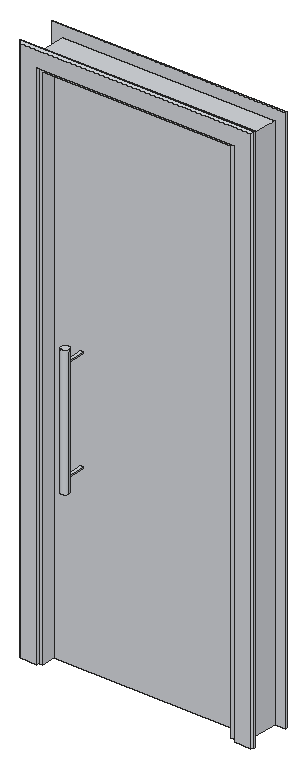
Revit family "Porta pivotante simples com revestimento", category Portas, Revit 2019
Family settings
  Hospedeiro = Parede
  Número OmniClass = 23.30.10.00
  Título OmniClass = Doors
  Sempre na vertical = Sim
  Corte com vazios quando carregada = Não
  Compartilhado = Não
  Ponto de cálculo do ambiente = Não
Parameters (values of type "820 x 2100mm")
  Visual Light Transmittance = 0
  Largura da apara = 70 mm
  Espessura da apara = 10 mm
  Material da apara = none
  Espessura = 45 mm
  Solar Heat Gain Coefficient = 0
  Rough Width = Width  # 820 mm
  Rough Height = Height  # 2100 mm
  Largura do painel = Width - (Largura da estrutura - 10 mm) * 2  # 740 mm
  Sub-largura do painel = 120 mm
  Material do painel = none
  ID do tipo de construção = ""
  Coeficiente de transferência de calor (U) = 3.7021 W/(m²·K)
  Material do puxador = none
  Função = Exterior
  Height = 2100 mm
  Fechamento da parede = Por hospedeiro
  Width = 820 mm
  Largura da estrutura = 50 mm
  Largura da moldura média = Largura da estrutura - 10 mm  # 40 mm
  Material da moldura = none
  Construção analítica = Metal
Types (4, lengths in mm): name | Rough Width | Largura do painel | Width
  (no name) | 820 | 740 | 820
  820 x 2100mm | 820 | 740 | 820
  920 x 2100mm | 920 | 840 | 920
  1020 x 2100mm | 1020 | 940 | 1020
Reference planes
  plane 1 "Centro (Frente/Trás)": y = 0
  plane 2 "Centro (Esquerda/Direita)": x = 0
  plane 3 "Esquerda": x = -410
  plane 4 "Direita": x = 410
  plane 5: z = 2100
  plane 6 "Exterior": y = 75
  plane 7 "Interior": y = -75
  plane 8: z = 0
  plane 9: x = 370
  plane 10: y = 75
  plane 11: y = -75
  plane 12: x = 250
  plane 13: z = 1050
  plane 14: y = 22.5
  plane 15: y = -22.5
  plane 16: x = -370
  plane 17: z = 2060
  plane 18: x = -360
  plane 19: x = 360
  plane 20: x = -260
  plane 21: z = 2080
  plane 22: x = 390
  plane 23: x = -385
  plane 24: z = 900
Forms (mm)
  Extrusion 1, solid, material <- "Material do painel", detail levels medium+fine
    sketch origin (0, 0, 0) x (1, 0, 0) y (0, 1, 0)
      loop
        line (-370, 22.5) -> (-370, -22.5) -> (370, -22.5) -> (370, 22.5) -> (-370, 22.5)
    from 0 to 2060
  Sweep 2, solid, material <- "Material da moldura", detail levels fine
    path origin (0, 75, 0) x (1, 0, 0) y (0, 0, 1)
      loop
        line (-410, 2060) -> (-410, 0)
    profile origin (-410, 75, 1030) x (0, -1, 0) y (1, 0, 0)
      loop
        line (0, 50) -> (0, 0) -> (150, 0) -> (150, 40) -> (52.5, 40) -> (52.5, 50) -> (0, 50)
  Sweep 3, solid, material <- "Material da moldura", detail levels fine
    path origin (0, 75, 0) x (1, 0, 0) y (0, 0, 1)
      loop
        line (410, 0) -> (410, 2060)
    profile origin (410, 75, 1030) x (-1, 0, 0) y (0, -1, 0)
      loop
        line (0, 0) -> (40, 0) -> (40, 97.5) -> (50, 97.5) -> (50, 150) -> (0, 150) -> (0, 0)
  Sweep 4, solid, material <- "Material da moldura", detail levels fine
    path origin (0, 75, 0) x (1, 0, 0) y (0, 0, 1)
      loop
        line (410, 2100) -> (-410, 2100)
    profile origin (0, 75, 2100) x (0, 0, -1) y (0, -1, 0)
      loop
        line (0, 0) -> (40, 0) -> (40, 150) -> (0, 150) -> (0, 0)
  Extrusion 5, solid, material <- "Material do painel", detail levels coarse
    sketch origin (0, 0, 0) x (1, 0, 0) y (0, 1, 0)
      loop
        line (-410, 22.5) -> (-410, -22.5) -> (410, -22.5) -> (410, 22.5) -> (-410, 22.5)
    from 0 to 2100
  Sweep 6, solid, material <- "Material da moldura", detail levels medium
    path origin (0, 75, 0) x (1, 0, 0) y (0, 0, 1)
      loop
        line (-410, 0) -> (-410, 2100) -> (410, 2100) -> (410, 0)
    profile origin (410, 75, 1050) x (0, -1, 0) y (1, 0, 0)
      loop
        line (0, -40) -> (150, -40) -> (150, 0) -> (0, 0) -> (0, -40)
  Sweep 7, solid, material <- "Material da apara", detail levels fine
    path origin (-2735, -75, 1200) x (-1, 0, 0) y (0, 0, 1)
      loop
        line (-3145, -1200) -> (-3145, 900) -> (-2325, 900) -> (-2325, -1200)
    profile "Perfil da apara : Perfil da apara" origin (-410, -75, 1050) x (-1, 0, 0) y (0, 1, 0)
      loop
        line (43, 0) -> (-27, 0) -> (-27, -10) -> (37, -10) -> (43, -4) -> (43, 0)
  Sweep 8, solid, material <- "Material da apara", detail levels fine
    path origin (-2697.817, 75, 1200) x (-1, 0, 0) y (0, 0, 1)
      loop
        line (-2287.817, -1200) -> (-2287.817, 900) -> (-3107.817, 900) -> (-3107.817, -1200)
    profile "Perfil da apara : Perfil da apara" origin (-410, 75, 1050) x (1, 0, 0) y (0, 1, 0)
      loop
        line (-43, 0) -> (27, 0) -> (27, 10) -> (-37, 10) -> (-43, 4) -> (-43, 0)
Cuts and joins
  joined: Sweep 2, Sweep 3, Sweep 4
Lines and regions (mm)
  Opening 1
    outline origin (-3050, -75, 0) x (1, 0, 0) y (0, 0, 1)
      loop
        line (2640, 0) -> (3460, 0) -> (3460, 2100) -> (2640, 2100) -> (2640, 0)
  symbolic lines, style "Doors", detail levels medium+fine
    curve 1: circle (250, 0, 0) r 10 normal (0, 0, 1)
  symbolic lines, style "Giro da elevação", detail levels medium+fine
    curve 2: line (370, 75, 1050) -> (250, 75, 0)
    curve 3: line (370, 75, 1050) -> (250, 75, 2060)
    curve 4: line (250, 75, 0) -> (-370, 75, 1050)
    curve 5: line (-370, 75, 1050) -> (250, 75, 2060)
  symbolic lines, style "Giro da elevação", detail levels coarse
    curve 6: line (250, 75, 2100) -> (-410, 75, 1050)
    curve 7: line (-410, 75, 1050) -> (250, 75, 0)
    curve 8: line (250, 75, 0) -> (410, 75, 1050)
    curve 9: line (410, 75, 1050) -> (250, 75, 2100)
Text (mm)
  text "Externo" at (-2295.016, 1099.543, 0), in view "Nível de referência"
  text "Externo" at (0, 1615.38, 3698.081), in view "Esquerda"
  text "Externo" at (0, 1036.032, 3874.932), in view "Direita"
Dimensions and locks
  equal spacing: plane 3 "Esquerda", plane 2 "Centro (Esquerda/Direita)", plane 4 "Direita"
  "Width": plane 3 "Esquerda" to plane 4 "Direita"
  "Height": plane 5 to host wall
  host wall to plane 5 = 2100 mm  (x2)
  locked: plane 6 "Exterior" to host wall at 0
  locked: plane 7 "Interior" to host wall
  equal spacing: level, plane 13, plane 5
  "Espessura": plane 14 to plane 15
  "Sub-largura do painel": plane 12 to plane 9
  "Largura da moldura média": plane 9 to plane 4 "Direita"
  "Largura da moldura média": plane 3 "Esquerda" to plane 16
  "Largura da moldura média": plane 17 to plane 5
  equal spacing: plane 14, plane 1 "Centro (Frente/Trás)", plane 15
  locked: plane 16 to plane 18 at 10
  plane 19 to plane 9 = 10 mm
  locked: plane 18 to plane 20 at 100
  equal spacing: plane 17, plane 21, plane 5
  equal spacing: plane 9, plane 22, plane 4 "Direita"
  equal spacing: plane 18, plane 23, plane 3 "Esquerda"
  locked: level to plane 24 at 900
  aligned and locked: plane 3 "Esquerda" to Opening 1 sketch curve
  aligned and locked: plane 5 to Opening 1 sketch curve  (x2)
  aligned and locked: Opening 1 sketch curve to plane 4 "Direita"
  aligned and locked: Opening 1 sketch curve to level
  aligned and locked: level to plane 8
  aligned and locked: plane 10 to host wall
  aligned and locked: plane 9 to nested 1
  aligned and locked: plane 9 to curve 3
  aligned and locked: plane 13 to curve 3
  aligned and locked: plane 7 "Interior" to plane 11
  aligned and locked: Extrusion 1 sketch curve to plane 14
  aligned and locked: plane 15 to Extrusion 1 sketch curve
  aligned and locked: plane 16 to Extrusion 1 sketch curve
  aligned and locked: Extrusion 1 sketch curve to plane 9
  aligned and locked: plane 17 to Extrusion 1
  aligned and locked: plane 1 "Centro (Frente/Trás)" to host wall
  aligned and locked: plane 17 to Sweep 2 sketch curve
  aligned and locked: plane 8 to Sweep 2 sketch curve
  aligned and locked: Sweep 2 sketch curve to plane 6 "Exterior"
  aligned and locked: plane 18 to Sweep 2 sketch curve
  aligned and locked: Sweep 2 sketch curve to plane 14
  aligned and locked: plane 16 to Sweep 2 sketch curve
  aligned and locked: plane 7 "Interior" to Sweep 2 sketch curve
  aligned and locked: plane 3 "Esquerda" to Sweep 2 sketch curve
  aligned and locked: plane 8 to Sweep 3 sketch curve
  aligned and locked: plane 17 to Sweep 3 sketch curve
  aligned and locked: plane 4 "Direita" to Sweep 3 sketch curve
  aligned and locked: Sweep 3 sketch curve to plane 6 "Exterior"
  aligned and locked: Sweep 3 sketch curve to plane 4 "Direita"
  aligned and locked: plane 7 "Interior" to Sweep 3 sketch curve
  aligned and locked: Sweep 3 sketch curve to plane 19
  aligned and locked: plane 15 to Sweep 3 sketch curve
  aligned and locked: Sweep 3 sketch curve to plane 9
  aligned and locked: plane 4 "Direita" to Sweep 4 sketch curve
  aligned and locked: plane 3 "Esquerda" to Sweep 4 sketch curve
  aligned and locked: plane 5 to Sweep 4 sketch curve  (x2)
  aligned and locked: Sweep 4 sketch curve to plane 7 "Interior"
  aligned and locked: plane 6 "Exterior" to Sweep 4 sketch curve
  aligned and locked: plane 17 to Sweep 4 sketch curve
  aligned and locked: plane 15 to nested 2
  aligned and locked: plane 20 to nested 2
  aligned and locked: plane 24 to nested 2
  aligned and locked: plane 17 to curve 5
  aligned and locked: plane 12 to curve 5
  aligned and locked: plane 13 to curve 5
  aligned and locked: plane 16 to curve 5
  aligned and locked: plane 12 to curve 2
  aligned and locked: plane 8 to curve 4
  aligned and locked: Extrusion 5 sketch curve to plane 14
  aligned and locked: Extrusion 5 sketch curve to plane 3 "Esquerda"
  aligned and locked: plane 15 to Extrusion 5 sketch curve
  aligned and locked: plane 4 "Direita" to Extrusion 5 sketch curve
  aligned and locked: Extrusion 5 to plane 8
  aligned and locked: Extrusion 5 to plane 5
  aligned and locked: plane 13 to curve 7
  aligned and locked: plane 3 "Esquerda" to curve 7
  aligned and locked: plane 13 to curve 9
  aligned and locked: plane 4 "Direita" to curve 9
  aligned and locked: plane 4 "Direita" to Sweep 6 sketch curve  (x2)
  aligned and locked: plane 5 to Sweep 6 sketch curve
  aligned and locked: plane 3 "Esquerda" to Sweep 6 sketch curve
  aligned and locked: Sweep 6 sketch curve to plane 10
  aligned and locked: plane 11 to Sweep 6 sketch curve
  aligned and locked: plane 9 to Sweep 6 sketch curve
  aligned and locked: plane 3 "Esquerda" to Sweep 7 sketch curve
  aligned and locked: plane 5 to Sweep 7 sketch curve
  aligned and locked: plane 4 "Direita" to Sweep 7 sketch curve
  aligned and locked: Sweep 8 sketch curve to plane 3 "Esquerda"
  aligned and locked: Sweep 8 sketch curve to plane 5
  aligned and locked: Sweep 8 sketch curve to plane 4 "Direita"
Automatic sketch dimensions
  host wall to curve 1 = 0 mm
  curve 1 to plane 12 = 0 mm
  plane 3 "Esquerda" to Sweep 2 sketch curve = 0 mm
  curve 9 to plane 5 = 0 mm
  curve 9 to plane 12 = 0 mm
  Sweep 6 sketch curve to level = 0 mm
  Sweep 6 sketch curve to Sweep 6 sketch curve = 0 mm
  Sweep 7 sketch curve to level = 0 mm  (x2)
  Sweep 8 sketch curve to level = 0 mm  (x2)
  radius of curve 1 = 10 mm
Nested families
  nested 1: "Porta pivotante_Giro da planta 2" at (-690, 0, 0) x (-1, 0, 0) z (0, 0, 1), type "Porta pivotante_Giro da planta 2"
  nested 2: "Maçaneta da porta 4" at (-260, 0, 900), type "Altura 500 mm", detail levels fine
Definition of nested family "Maçaneta da porta 4"
  Parameters
    Espessura do painel = 45 mm
    Material do puxador = none
    Raio do puxador = 15 mm
    Altura do puxador = 500 mm
    Profundidade do puxador = 80 mm
    Raio do conector = 5 mm
    Altura do conector = Altura do puxador - 100 mm  # 400 mm
    Assembly Code = ""
  Reference planes
    plane 1 "Centro (Frente/Trás)": y = 0
    plane 2: z = 0
    plane 3 "Centro (Esquerda/Direita)": x = 0
    plane 4: z = 250
    plane 5: y = -102.5
    plane 6: z = -250
    plane 7: z = 200
    plane 8: z = -200
    plane 9: y = -22.5
    plane 10: y = 22.5
    plane 11: y = 102.5
  Forms (mm)
    Extrusion 1, solid, material <- "Material do puxador"
      sketch origin (0, -30.569, 0) x (1, 0, 0) y (0, 1, 0)
        loop
          circle (0, -71.931) r 15
      from -250 to 250
    Extrusion 2, solid, material <- "Material do puxador"
      sketch origin (0, 0, 0) x (1, 0, 0) y (0, 0, 1)
        loop
          circle (0, 200) r 5
        loop
          circle (0, -200) r 5
      from 22.5 to 102.5
    Extrusion 3, solid, material <- "Material do puxador"
      sketch origin (0, 0, 0) x (1, 0, 0) y (0, 0, -1)
        loop
          circle (0, -200) r 5
        loop
          circle (0, 200) r 5
      from 22.5 to 102.5
    Extrusion 4, solid, material <- "Material do puxador"
      sketch origin (0, 30.569, 0) x (1, 0, 0) y (0, 1, 0)
        loop
          circle (0, 71.931) r 15
      from -250 to 250
  Dimensions and locks
    equal spacing: plane 4, plane 2, plane 6
    "Altura do puxador": plane 4 to plane 6
    equal spacing: plane 7, plane 2, plane 8
    "Altura do conector": plane 7 to plane 8
    equal spacing: plane 9, plane 1 "Centro (Frente/Trás)", plane 10
    "Profundidade do puxador": plane 9 to plane 5
    "Profundidade do puxador": plane 10 to plane 11
    "Espessura do painel": plane 9 to plane 10
    "Raio do puxador": radius of Extrusion 1 sketch curve
    "Raio do conector": radius of Extrusion 2 sketch curve  (x2)
    "Raio do conector": radius of Extrusion 3 sketch curve  (x2)
    "Raio do puxador": radius of Extrusion 4 sketch curve
    aligned and locked: plane 6 to Extrusion 1
    aligned and locked: plane 4 to Extrusion 1
    aligned: Extrusion 2 to plane 5
    aligned and locked: Extrusion 2 to plane 5  (x2)
    aligned and locked: plane 9 to Extrusion 2
    aligned and locked: plane 5 to Extrusion 1 sketch curve
    aligned and locked: plane 3 "Centro (Esquerda/Direita)" to Extrusion 1 sketch curve
    aligned and locked: Extrusion 2 to plane 9  (x2)
    aligned and locked: plane 10 to Extrusion 3
    aligned and locked: Extrusion 3 to plane 11
    aligned and locked: plane 11 to Extrusion 4 sketch curve
    aligned and locked: plane 3 "Centro (Esquerda/Direita)" to Extrusion 4 sketch curve
    aligned and locked: plane 4 to Extrusion 4
    aligned and locked: plane 6 to Extrusion 4
  Automatic sketch dimensions
    Extrusion 2 sketch curve to plane 3 "Centro (Esquerda/Direita)" = 0 mm  (x2)
    Extrusion 2 sketch curve to plane 8 = 0 mm
    Extrusion 2 sketch curve to plane 7 = 0 mm
    Extrusion 3 sketch curve to plane 3 "Centro (Esquerda/Direita)" = 0 mm  (x2)
    Extrusion 3 sketch curve to plane 7 = 0 mm
    Extrusion 3 sketch curve to plane 8 = 0 mm
Definition of nested family "Porta pivotante_Giro da planta 2"
  Parameters
    Width = 2000 mm
    Thickness = 45 mm
    Rough Width = 2000 mm
    Rough Height = 2100 mm
    Largura do painel = 740 mm
    Sub-largura do painel = 120 mm
    Largura da moldura média = 40 mm
    Height = 2100 mm
  Reference planes
    plane 1 "Centro (Frente/Trás)": y = 0
    plane 2: z = 0
    plane 3 "Esquerda": x = 0
    plane 4: x = -962.5
    plane 5: x = -917.5
    plane 6: y = 620
    plane 7 "Centro (Esquerda/Direita)": x = -940
    plane 8: z = 2100
    plane 9: y = -120
    plane 10: x = -1060
    plane 11: y = 660
    plane 12: y = -160
    plane 13: x = -1100
    plane 14: x = -167.5
  Lines and regions (mm)
    Masking region 1, detail levels medium+fine
      outline origin (0, 0, 0) x (1, 0, 0) y (0, 1, 0)
        loop
          line (-962.5, 620) -> (-962.5, -120) -> (-917.5, -120) -> (-917.5, 620) -> (-962.5, 620)
    Masking region 2, detail levels coarse
      outline origin (0, 0, 0) x (1, 0, 0) y (0, 1, 0)
        loop
          line (-962.5, -160) -> (-917.5, -160) -> (-917.5, 660) -> (-962.5, 660) -> (-962.5, -160)
    symbolic lines, detail levels medium+fine
      curve 1: line (-962.5, -120, 0) -> (-962.5, 620, 0)
      curve 2: line (-917.5, 620, 0) -> (-917.5, -120, 0)
      curve 3: arc (-1060, 0, 0) -> (-1024.572, -84.687, 0) -> (-939.72, -119.717, 0) r 120.282
      curve 4: line (-967.5, 0, 0) -> (-912.5, 0, 0)
      curve 5: line (-940, 25, 0) -> (-940, -30, 0)
      curve 6: arc (-940, 620, 0) -> (-501.594, 438.406, 0) -> (-320, 0, 0) r 620
      curve 7: line (-962.5, -120, 0) -> (-917.5, -120, 0)
      curve 8: line (-962.5, 620, 0) -> (-917.5, 620, 0)
    model lines, detail levels fine
      curve 9: line (-1060, 0, 2100) -> (-1060, 0, 0)
    symbolic lines, detail levels coarse
      curve 10: line (-962.5, -160, 0) -> (-962.5, 660, 0)
      curve 11: line (-962.5, 660, 0) -> (-917.5, 660, 0)
      curve 12: line (-917.5, 660, 0) -> (-917.5, -160, 0)
      curve 13: line (-917.5, -160, 0) -> (-962.5, -160, 0)
      curve 14: arc (-940, -160, 0) -> (-1053.137, -113.137, 0) -> (-1100, 0, 0) r 160
      curve 15: arc (-940, 660, 0) -> (-473.31, 466.69, 0) -> (-280, 0, 0) r 660
  Dimensions and locks
    equal spacing: plane 4, plane 7 "Centro (Esquerda/Direita)", plane 5
    "Height": plane 8 to plane 2
    "Largura do painel": plane 6 to plane 9
    "Sub-largura do painel": plane 9 to plane 1 "Centro (Frente/Trás)"
    "Thickness": plane 4 to plane 5
    "Sub-largura do painel": plane 10 to plane 7 "Centro (Esquerda/Direita)"
    "Largura da moldura média": plane 11 to plane 6
    "Largura da moldura média": plane 9 to plane 12
    "Largura da moldura média": plane 13 to plane 10
    aligned and locked: level to plane 2
    aligned and locked: curve 2 to plane 5
    aligned and locked: curve 1 to plane 4
    aligned and locked: curve 1 to curve 1
    aligned and locked: plane 10 to curve 3
    aligned and locked: plane 1 "Centro (Frente/Trás)" to curve 3
    aligned and locked: plane 1 "Centro (Frente/Trás)" to curve 4
    aligned and locked: plane 7 "Centro (Esquerda/Direita)" to curve 5
    aligned and locked: plane 1 "Centro (Frente/Trás)" to curve 6
    aligned and locked: plane 7 "Centro (Esquerda/Direita)" to curve 6
    aligned and locked: Masking region 1 sketch curve to plane 6
    aligned and locked: Masking region 1 sketch curve to plane 4
    aligned and locked: plane 9 to Masking region 1 sketch curve
    aligned and locked: Masking region 1 sketch curve to plane 5
    aligned and locked: curve 7 to plane 9
    aligned and locked: curve 8 to plane 6
    aligned and locked: plane 8 to curve 9
    aligned and locked: plane 10 to curve 9
    aligned and locked: Masking region 1 to plane 4
    aligned and locked: Masking region 1 to plane 9
    aligned and locked: plane 5 to Masking region 1
    aligned and locked: plane 6 to Masking region 1
    aligned and locked: curve 10 to plane 4
    aligned and locked: curve 12 to plane 5
    aligned and locked: curve 11 to plane 11
    aligned and locked: plane 12 to curve 13
    aligned and locked: plane 13 to curve 14
    aligned and locked: plane 1 "Centro (Frente/Trás)" to curve 15
    aligned and locked: plane 7 "Centro (Esquerda/Direita)" to curve 15
    aligned and locked: plane 11 to curve 15
    aligned and locked: plane 12 to curve 14
    aligned and locked: plane 7 "Centro (Esquerda/Direita)" to curve 14
    aligned and locked: plane 1 "Centro (Frente/Trás)" to curve 14
    aligned and locked: Masking region 2 sketch curve to plane 4
    aligned and locked: Masking region 2 sketch curve to plane 12
    aligned and locked: Masking region 2 sketch curve to plane 5
    aligned and locked: Masking region 2 sketch curve to plane 11
  Automatic sketch dimensions
    curve 9 to level = 0 mm
    plane 4 to curve 4 = 5 mm
    curve 3 to plane 7 "Centro (Esquerda/Direita)" = 0.28 mm
    plane 5 to curve 4 = 5 mm
    plane 9 to curve 3 = 0.283 mm
    curve 5 to curve 6 = 30 mm
    curve 3 to curve 5 = 24.435 mm
